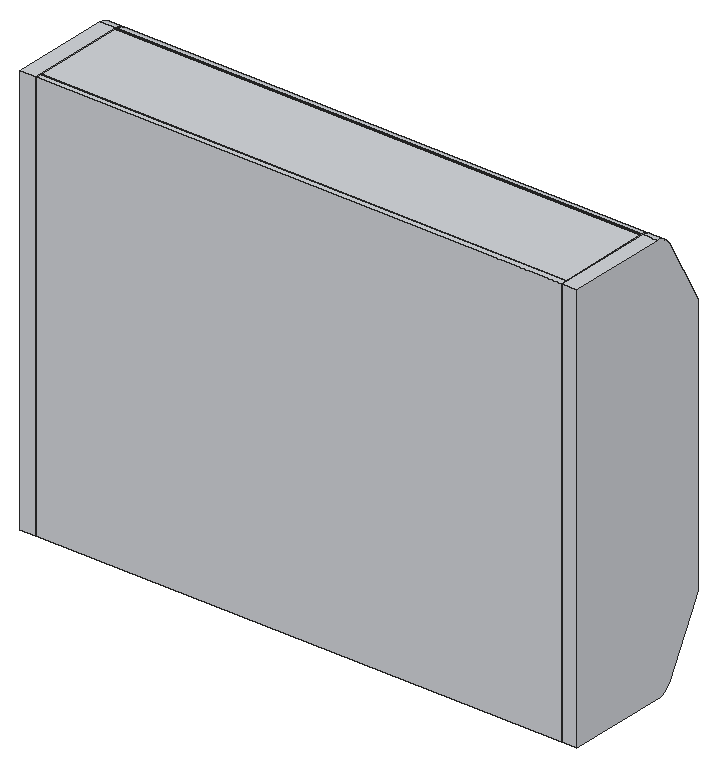
Revit family "Caspian LST 90 Mk1", category Mechanical Equipment, host Wall, Revit 2017 (continued)
Connectors
  piping at (402.5, 141, 274), diameter 22
    settings: on Extrusion 2, index 3, connector inside diameter 609.6 mm, connector length 0 mm, flow factor 0, pipe flow 0.0 L/s, pressure drop 0.0 Pa, fitting loss kfactor 0, connector angle 0.00°, fixture units 0, engagement length 0 mm, angle of deflection 0.00°, flow configuration 0, flow direction 1, fitting loss method 0, system type 7, joint type 0, gender type 0, connector reference index -1, connector utility 0, adjustable connector no, is connector primary yes, connector description ""
  piping at (402.5, 251, 274), diameter 22
    settings: on Extrusion 3, index 4, connector inside diameter 609.6 mm, connector length 0 mm, flow factor 0, pipe flow 0.0 L/s, pressure drop 0.0 Pa, fitting loss kfactor 0, connector angle 0.00°, fixture units 0, engagement length 0 mm, angle of deflection 0.00°, flow configuration 0, flow direction 1, fitting loss method 0, system type 7, joint type 0, gender type 0, connector reference index -1, connector utility 0, adjustable connector no, is connector primary no, connector description ""
